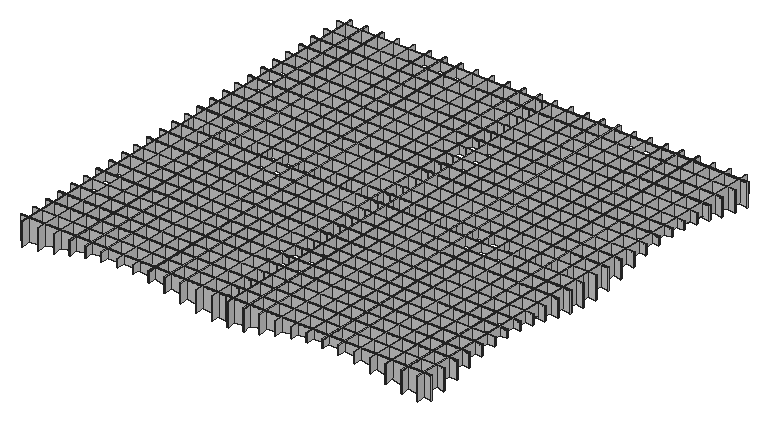
Revit family "CLD-WFL-002_RFA", category Modelos genéricos, Revit 2022 (continued)
Forms (in)
  Extrusion 371, solid
    sketch origin (212.09022, 108, 0) x (0, -1, 0) y (0, 0, 1)
      loop
        spline (43.75234, 7.29687) -> (44.62318, 7.35197) -> (45.49474, 7.40207) -> (46.36696, 7.44722) -> (47.23979, 7.48751) -> (48.11314, 7.52299) -> (48.98697, 7.55374) -> (49.8612, 7.57983) -> (50.73577, 7.60132) -> (51.61063, 7.61828) -> (52.48569, 7.63078) -> (53.36091, 7.63889) -> (54.23622, 7.64268)
        spline (54.23622, 7.64268) -> (54.8905, 7.63994) -> (55.54471, 7.63396) -> (56.19881, 7.62471) -> (56.85275, 7.61212) -> (57.50648, 7.59614) -> (58.15996, 7.57673) -> (58.81313, 7.55383) -> (59.46596, 7.5274) -> (60.11838, 7.49738) -> (60.77036, 7.46371) -> (61.42184, 7.42635) -> (62.07278, 7.38525)
        spline (62.07278, 7.38525) -> (62.80971, 7.33115) -> (63.54587, 7.27259) -> (64.28121, 7.20951) -> (65.01566, 7.14186) -> (65.74917, 7.06957) -> (66.48169, 6.99259) -> (67.21316, 6.91086) -> (67.94353, 6.82432) -> (68.67277, 6.73297) -> (69.40093, 6.637) -> (70.12806, 6.53658) -> (70.85422, 6.4319)
        spline (70.85422, 6.4319) -> (71.51051, 6.33081) -> (72.16604, 6.22628) -> (72.82086, 6.11849) -> (73.47503, 6.00761) -> (74.12859, 5.89382) -> (74.78159, 5.7773) -> (75.43409, 5.65821) -> (76.08613, 5.53673) -> (76.73777, 5.41305) -> (77.38906, 5.28733) -> (78.04005, 5.15975) -> (78.69078, 5.03049)
        spline (78.69078, 5.03049) -> (79.42214, 4.88265) -> (80.15338, 4.73345) -> (80.88454, 4.58309) -> (81.6157, 4.43177) -> (82.3469, 4.27969) -> (83.07823, 4.12703) -> (83.80973, 3.97401) -> (84.54148, 3.82083) -> (85.27354, 3.66767) -> (86.00597, 3.51473) -> (86.73884, 3.36223) -> (87.47222, 3.21035)
        spline (87.47222, 3.21035) -> (88.12098, 3.07725) -> (88.77034, 2.94516) -> (89.42035, 2.81427) -> (90.07106, 2.68474) -> (90.72253, 2.55674) -> (91.37482, 2.43044) -> (92.02798, 2.30602) -> (92.68208, 2.18365) -> (93.33715, 2.0635) -> (93.99327, 1.94575) -> (94.65048, 1.83055) -> (95.30878, 1.71798)
        spline (95.30878, 1.71798) -> (96.03651, 1.59857) -> (96.76522, 1.48186) -> (97.49484, 1.36779) -> (98.2253, 1.25631) -> (98.95653, 1.14734) -> (99.68844, 1.04084) -> (100.42096, 0.93675) -> (101.15403, 0.83501) -> (101.88757, 0.73557) -> (102.62149, 0.63835) -> (103.35573, 0.54331) -> (104.09022, 0.45039)
        spline (104.09022, 0.45039) -> (104.41609, 0.41056) -> (104.74197, 0.37118) -> (105.06787, 0.33222) -> (105.39376, 0.29369) -> (105.71965, 0.25557) -> (106.04553, 0.21788) -> (106.37138, 0.18058) -> (106.6972, 0.14369) -> (107.02298, 0.10719) -> (107.34871, 0.07108) -> (107.67439, 0.03535) -> (108, 0)
        line (108, 0) -> (108, 11.82144)
    from -0.11811 to 0
  Extrusion 372, solid
    sketch origin (211.97211, 108, 0) x (0, -1, 0) y (0, 0, 1)
      loop
        line (108, 11.82144) -> (0, 11.82144) -> (0, 0)
        spline (0, 0) -> (0.32561, 0.03535) -> (0.65129, 0.07108) -> (0.97702, 0.10719) -> (1.3028, 0.14369) -> (1.62862, 0.18058) -> (1.95447, 0.21788) -> (2.28035, 0.25557) -> (2.60624, 0.29369) -> (2.93213, 0.33222) -> (3.25803, 0.37118) -> (3.58391, 0.41056) -> (3.90978, 0.45039)
        spline (3.90978, 0.45039) -> (4.64427, 0.54331) -> (5.37851, 0.63835) -> (6.11243, 0.73557) -> (6.84597, 0.83501) -> (7.57904, 0.93675) -> (8.31156, 1.04084) -> (9.04347, 1.14734) -> (9.7747, 1.25631) -> (10.50516, 1.36779) -> (11.23478, 1.48186) -> (11.96349, 1.59857) -> (12.69122, 1.71798)
        spline (12.69122, 1.71798) -> (13.38922, 1.83797) -> (14.08606, 1.96074) -> (14.78174, 2.08623) -> (15.47631, 2.21426) -> (16.16984, 2.34463) -> (16.86238, 2.47718) -> (17.55399, 2.61172) -> (18.24473, 2.74807) -> (18.93467, 2.88604) -> (19.62386, 3.02546) -> (20.31235, 3.16614) -> (21.00022, 3.30789)
        spline (21.00022, 3.30789) -> (21.65469, 3.44372) -> (22.3087, 3.5801) -> (22.96232, 3.71687) -> (23.61561, 3.85384) -> (24.26863, 3.99083) -> (24.92142, 4.12768) -> (25.57405, 4.2642) -> (26.22658, 4.40021) -> (26.87906, 4.53554) -> (27.53155, 4.67001) -> (28.18411, 4.80344) -> (28.83678, 4.93566)
        spline (28.83678, 4.93566) -> (29.71888, 5.11051) -> (30.60133, 5.28308) -> (31.48418, 5.45313) -> (32.36752, 5.62042) -> (33.25139, 5.78471) -> (34.13589, 5.94577) -> (35.02106, 6.10336) -> (35.90699, 6.25724) -> (36.79374, 6.40717) -> (37.68137, 6.55291) -> (38.56997, 6.69423) -> (39.45958, 6.83089)
        spline (39.45958, 6.83089) -> (39.81456, 6.88206) -> (40.17002, 6.93114) -> (40.52597, 6.97806) -> (40.88246, 7.0227) -> (41.2395, 7.065) -> (41.59707, 7.10495) -> (41.95516, 7.14258) -> (42.31373, 7.17791) -> (42.67277, 7.21097) -> (43.03223, 7.2418) -> (43.3921, 7.27043) -> (43.75234, 7.29687)
        spline (43.75234, 7.29687) -> (44.62318, 7.35197) -> (45.49474, 7.40207) -> (46.36696, 7.44722) -> (47.23979, 7.48751) -> (48.11314, 7.52299) -> (48.98697, 7.55374) -> (49.8612, 7.57983) -> (50.73577, 7.60132) -> (51.61063, 7.61828) -> (52.48569, 7.63078) -> (53.36091, 7.63889) -> (54.23622, 7.64268)
        spline (54.23622, 7.64268) -> (54.8905, 7.63994) -> (55.54471, 7.63396) -> (56.19881, 7.62471) -> (56.85275, 7.61212) -> (57.50648, 7.59614) -> (58.15996, 7.57673) -> (58.81313, 7.55383) -> (59.46596, 7.5274) -> (60.11838, 7.49738) -> (60.77036, 7.46371) -> (61.42184, 7.42635) -> (62.07278, 7.38525)
        spline (62.07278, 7.38525) -> (62.80971, 7.33115) -> (63.54587, 7.27259) -> (64.28121, 7.20951) -> (65.01566, 7.14186) -> (65.74917, 7.06957) -> (66.48169, 6.99259) -> (67.21316, 6.91086) -> (67.94353, 6.82432) -> (68.67277, 6.73297) -> (69.40093, 6.637) -> (70.12806, 6.53658) -> (70.85422, 6.4319)
        spline (70.85422, 6.4319) -> (71.51051, 6.33081) -> (72.16604, 6.22628) -> (72.82086, 6.11849) -> (73.47503, 6.00761) -> (74.12859, 5.89382) -> (74.78159, 5.7773) -> (75.43409, 5.65821) -> (76.08613, 5.53673) -> (76.73777, 5.41305) -> (77.38906, 5.28733) -> (78.04005, 5.15975) -> (78.69078, 5.03049)
        spline (78.69078, 5.03049) -> (79.42214, 4.88265) -> (80.15338, 4.73345) -> (80.88454, 4.58309) -> (81.6157, 4.43177) -> (82.3469, 4.27969) -> (83.07823, 4.12703) -> (83.80973, 3.97401) -> (84.54148, 3.82083) -> (85.27354, 3.66767) -> (86.00597, 3.51473) -> (86.73884, 3.36223) -> (87.47222, 3.21035)
        spline (87.47222, 3.21035) -> (88.12098, 3.07725) -> (88.77034, 2.94516) -> (89.42035, 2.81427) -> (90.07106, 2.68474) -> (90.72253, 2.55674) -> (91.37482, 2.43044) -> (92.02798, 2.30602) -> (92.68208, 2.18365) -> (93.33715, 2.0635) -> (93.99327, 1.94575) -> (94.65048, 1.83055) -> (95.30878, 1.71798)
        spline (95.30878, 1.71798) -> (96.03651, 1.59857) -> (96.76522, 1.48186) -> (97.49484, 1.36779) -> (98.2253, 1.25631) -> (98.95653, 1.14734) -> (99.68844, 1.04084) -> (100.42096, 0.93675) -> (101.15403, 0.83501) -> (101.88757, 0.73557) -> (102.62149, 0.63835) -> (103.35573, 0.54331) -> (104.09022, 0.45039)
        spline (104.09022, 0.45039) -> (104.41609, 0.41056) -> (104.74197, 0.37118) -> (105.06787, 0.33222) -> (105.39376, 0.29369) -> (105.71965, 0.25557) -> (106.04553, 0.21788) -> (106.37138, 0.18058) -> (106.6972, 0.14369) -> (107.02298, 0.10719) -> (107.34871, 0.07108) -> (107.67439, 0.03535) -> (108, 0)
        line (108, 0) -> (108, 11.82144)
    from -0.11811 to 0.35433
  Extrusion 373, solid
    sketch origin (108, 111.79167, 0) x (1, 0, 0) y (0, 0, 1)
      loop
        line (108, 11.82144) -> (0, 11.82144) -> (0, 0)
        spline (0, 0) -> (0.32561, 0.03535) -> (0.65129, 0.07108) -> (0.97702, 0.10719) -> (1.3028, 0.14369) -> (1.62862, 0.18058) -> (1.95447, 0.21788) -> (2.28035, 0.25557) -> (2.60624, 0.29369) -> (2.93213, 0.33222) -> (3.25803, 0.37118) -> (3.58391, 0.41056) -> (3.90978, 0.45039)
        spline (3.90978, 0.45039) -> (4.64427, 0.54331) -> (5.37851, 0.63835) -> (6.11243, 0.73557) -> (6.84597, 0.83501) -> (7.57904, 0.93675) -> (8.31156, 1.04084) -> (9.04347, 1.14734) -> (9.7747, 1.25631) -> (10.50516, 1.36779) -> (11.23478, 1.48186) -> (11.96349, 1.59857) -> (12.69122, 1.71798)
        spline (12.69122, 1.71798) -> (13.38922, 1.83797) -> (14.08606, 1.96074) -> (14.78174, 2.08623) -> (15.47631, 2.21426) -> (16.16984, 2.34463) -> (16.86238, 2.47718) -> (17.55399, 2.61172) -> (18.24473, 2.74807) -> (18.93467, 2.88604) -> (19.62386, 3.02546) -> (20.31235, 3.16614) -> (21.00022, 3.30789)
        spline (21.00022, 3.30789) -> (21.65469, 3.44372) -> (22.3087, 3.5801) -> (22.96232, 3.71687) -> (23.61561, 3.85384) -> (24.26863, 3.99083) -> (24.92142, 4.12768) -> (25.57405, 4.2642) -> (26.22658, 4.40021) -> (26.87906, 4.53554) -> (27.53155, 4.67001) -> (28.18411, 4.80344) -> (28.83678, 4.93566)
        spline (28.83678, 4.93566) -> (29.71888, 5.11051) -> (30.60133, 5.28308) -> (31.48418, 5.45313) -> (32.36752, 5.62042) -> (33.25139, 5.78471) -> (34.13589, 5.94577) -> (35.02106, 6.10336) -> (35.90699, 6.25724) -> (36.79374, 6.40717) -> (37.68137, 6.55291) -> (38.56997, 6.69423) -> (39.45958, 6.83089)
        spline (39.45958, 6.83089) -> (39.81456, 6.88206) -> (40.17002, 6.93114) -> (40.52597, 6.97806) -> (40.88246, 7.0227) -> (41.2395, 7.065) -> (41.59707, 7.10495) -> (41.95516, 7.14258) -> (42.31373, 7.17791) -> (42.67277, 7.21097) -> (43.03223, 7.2418) -> (43.3921, 7.27043) -> (43.75234, 7.29687)
        spline (43.75234, 7.29687) -> (44.62318, 7.35197) -> (45.49474, 7.40207) -> (46.36696, 7.44722) -> (47.23979, 7.48751) -> (48.11314, 7.52299) -> (48.98697, 7.55374) -> (49.8612, 7.57983) -> (50.73577, 7.60132) -> (51.61063, 7.61828) -> (52.48569, 7.63078) -> (53.36091, 7.63889) -> (54.23622, 7.64268)
        spline (54.23622, 7.64268) -> (54.8905, 7.63994) -> (55.54471, 7.63396) -> (56.19881, 7.62471) -> (56.85275, 7.61212) -> (57.50648, 7.59614) -> (58.15996, 7.57673) -> (58.81313, 7.55383) -> (59.46596, 7.5274) -> (60.11838, 7.49738) -> (60.77036, 7.46371) -> (61.42184, 7.42635) -> (62.07278, 7.38525)
        spline (62.07278, 7.38525) -> (62.80971, 7.33115) -> (63.54587, 7.27259) -> (64.28121, 7.20951) -> (65.01566, 7.14186) -> (65.74917, 7.06957) -> (66.48169, 6.99259) -> (67.21316, 6.91086) -> (67.94353, 6.82432) -> (68.67277, 6.73297) -> (69.40093, 6.637) -> (70.12806, 6.53658) -> (70.85422, 6.4319)
        spline (70.85422, 6.4319) -> (71.51051, 6.33081) -> (72.16604, 6.22628) -> (72.82086, 6.11849) -> (73.47503, 6.00761) -> (74.12859, 5.89382) -> (74.78159, 5.7773) -> (75.43409, 5.65821) -> (76.08613, 5.53673) -> (76.73777, 5.41305) -> (77.38906, 5.28733) -> (78.04005, 5.15975) -> (78.69078, 5.03049)
        spline (78.69078, 5.03049) -> (79.42214, 4.88265) -> (80.15338, 4.73345) -> (80.88454, 4.58309) -> (81.6157, 4.43177) -> (82.3469, 4.27969) -> (83.07823, 4.12703) -> (83.80973, 3.97401) -> (84.54148, 3.82083) -> (85.27354, 3.66767) -> (86.00597, 3.51473) -> (86.73884, 3.36223) -> (87.47222, 3.21035)
        spline (87.47222, 3.21035) -> (88.12098, 3.07725) -> (88.77034, 2.94516) -> (89.42035, 2.81427) -> (90.07106, 2.68474) -> (90.72253, 2.55674) -> (91.37482, 2.43044) -> (92.02798, 2.30602) -> (92.68208, 2.18365) -> (93.33715, 2.0635) -> (93.99327, 1.94575) -> (94.65048, 1.83055) -> (95.30878, 1.71798)
        spline (95.30878, 1.71798) -> (96.03651, 1.59857) -> (96.76522, 1.48186) -> (97.49484, 1.36779) -> (98.2253, 1.25631) -> (98.95653, 1.14734) -> (99.68844, 1.04084) -> (100.42096, 0.93675) -> (101.15403, 0.83501) -> (101.88757, 0.73557) -> (102.62149, 0.63835) -> (103.35573, 0.54331) -> (104.09022, 0.45039)
        spline (104.09022, 0.45039) -> (104.41609, 0.41056) -> (104.74197, 0.37118) -> (105.06787, 0.33222) -> (105.39376, 0.29369) -> (105.71965, 0.25557) -> (106.04553, 0.21788) -> (106.37138, 0.18058) -> (106.6972, 0.14369) -> (107.02298, 0.10719) -> (107.34871, 0.07108) -> (107.67439, 0.03535) -> (108, 0)
        line (108, 0) -> (108, 11.82144)
    from -0.11811 to 0
  Extrusion 374, solid
    sketch origin (108, 112.38222, 0) x (1, 0, 0) y (0, 0, 1)
      loop
        line (108, 11.82144) -> (0, 11.82144) -> (0, 0)
        spline (0, 0) -> (0.32561, 0.03535) -> (0.65129, 0.07108) -> (0.97702, 0.10719) -> (1.3028, 0.14369) -> (1.62862, 0.18058) -> (1.95447, 0.21788) -> (2.28035, 0.25557) -> (2.60624, 0.29369) -> (2.93213, 0.33222) -> (3.25803, 0.37118) -> (3.58391, 0.41056) -> (3.90978, 0.45039)
        spline (3.90978, 0.45039) -> (4.64427, 0.54331) -> (5.37851, 0.63835) -> (6.11243, 0.73557) -> (6.84597, 0.83501) -> (7.57904, 0.93675) -> (8.31156, 1.04084) -> (9.04347, 1.14734) -> (9.7747, 1.25631) -> (10.50516, 1.36779) -> (11.23478, 1.48186) -> (11.96349, 1.59857) -> (12.69122, 1.71798)
        spline (12.69122, 1.71798) -> (13.38922, 1.83797) -> (14.08606, 1.96074) -> (14.78174, 2.08623) -> (15.47631, 2.21426) -> (16.16984, 2.34463) -> (16.86238, 2.47718) -> (17.55399, 2.61172) -> (18.24473, 2.74807) -> (18.93467, 2.88604) -> (19.62386, 3.02546) -> (20.31235, 3.16614) -> (21.00022, 3.30789)
        spline (21.00022, 3.30789) -> (21.65469, 3.44372) -> (22.3087, 3.5801) -> (22.96232, 3.71687) -> (23.61561, 3.85384) -> (24.26863, 3.99083) -> (24.92142, 4.12768) -> (25.57405, 4.2642) -> (26.22658, 4.40021) -> (26.87906, 4.53554) -> (27.53155, 4.67001) -> (28.18411, 4.80344) -> (28.83678, 4.93566)
        spline (28.83678, 4.93566) -> (29.71888, 5.11051) -> (30.60133, 5.28308) -> (31.48418, 5.45313) -> (32.36752, 5.62042) -> (33.25139, 5.78471) -> (34.13589, 5.94577) -> (35.02106, 6.10336) -> (35.90699, 6.25724) -> (36.79374, 6.40717) -> (37.68137, 6.55291) -> (38.56997, 6.69423) -> (39.45958, 6.83089)
        spline (39.45958, 6.83089) -> (39.81456, 6.88206) -> (40.17002, 6.93114) -> (40.52597, 6.97806) -> (40.88246, 7.0227) -> (41.2395, 7.065) -> (41.59707, 7.10495) -> (41.95516, 7.14258) -> (42.31373, 7.17791) -> (42.67277, 7.21097) -> (43.03223, 7.2418) -> (43.3921, 7.27043) -> (43.75234, 7.29687)
        spline (43.75234, 7.29687) -> (44.62318, 7.35197) -> (45.49474, 7.40207) -> (46.36696, 7.44722) -> (47.23979, 7.48751) -> (48.11314, 7.52299) -> (48.98697, 7.55374) -> (49.8612, 7.57983) -> (50.73577, 7.60132) -> (51.61063, 7.61828) -> (52.48569, 7.63078) -> (53.36091, 7.63889) -> (54.23622, 7.64268)
        spline (54.23622, 7.64268) -> (54.8905, 7.63994) -> (55.54471, 7.63396) -> (56.19881, 7.62471) -> (56.85275, 7.61212) -> (57.50648, 7.59614) -> (58.15996, 7.57673) -> (58.81313, 7.55383) -> (59.46596, 7.5274) -> (60.11838, 7.49738) -> (60.77036, 7.46371) -> (61.42184, 7.42635) -> (62.07278, 7.38525)
        spline (62.07278, 7.38525) -> (62.80971, 7.33115) -> (63.54587, 7.27259) -> (64.28121, 7.20951) -> (65.01566, 7.14186) -> (65.74917, 7.06957) -> (66.48169, 6.99259) -> (67.21316, 6.91086) -> (67.94353, 6.82432) -> (68.67277, 6.73297) -> (69.40093, 6.637) -> (70.12806, 6.53658) -> (70.85422, 6.4319)
        spline (70.85422, 6.4319) -> (71.51051, 6.33081) -> (72.16604, 6.22628) -> (72.82086, 6.11849) -> (73.47503, 6.00761) -> (74.12859, 5.89382) -> (74.78159, 5.7773) -> (75.43409, 5.65821) -> (76.08613, 5.53673) -> (76.73777, 5.41305) -> (77.38906, 5.28733) -> (78.04005, 5.15975) -> (78.69078, 5.03049)
        spline (78.69078, 5.03049) -> (79.42214, 4.88265) -> (80.15338, 4.73345) -> (80.88454, 4.58309) -> (81.6157, 4.43177) -> (82.3469, 4.27969) -> (83.07823, 4.12703) -> (83.80973, 3.97401) -> (84.54148, 3.82083) -> (85.27354, 3.66767) -> (86.00597, 3.51473) -> (86.73884, 3.36223) -> (87.47222, 3.21035)
        spline (87.47222, 3.21035) -> (88.12098, 3.07725) -> (88.77034, 2.94516) -> (89.42035, 2.81427) -> (90.07106, 2.68474) -> (90.72253, 2.55674) -> (91.37482, 2.43044) -> (92.02798, 2.30602) -> (92.68208, 2.18365) -> (93.33715, 2.0635) -> (93.99327, 1.94575) -> (94.65048, 1.83055) -> (95.30878, 1.71798)
        spline (95.30878, 1.71798) -> (96.03651, 1.59857) -> (96.76522, 1.48186) -> (97.49484, 1.36779) -> (98.2253, 1.25631) -> (98.95653, 1.14734) -> (99.68844, 1.04084) -> (100.42096, 0.93675) -> (101.15403, 0.83501) -> (101.88757, 0.73557) -> (102.62149, 0.63835) -> (103.35573, 0.54331) -> (104.09022, 0.45039)
        spline (104.09022, 0.45039) -> (104.41609, 0.41056) -> (104.74197, 0.37118) -> (105.06787, 0.33222) -> (105.39376, 0.29369) -> (105.71965, 0.25557) -> (106.04553, 0.21788) -> (106.37138, 0.18058) -> (106.6972, 0.14369) -> (107.02298, 0.10719) -> (107.34871, 0.07108) -> (107.67439, 0.03535) -> (108, 0)
        line (108, 0) -> (108, 11.82144)
    from -0.11811 to 0
  Extrusion 375, solid
    sketch origin (108, 112.26411, 0) x (1, 0, 0) y (0, 0, 1)
      loop
        line (108, 11.82144) -> (0, 11.82144) -> (0, 0)
        spline (0, 0) -> (0.32561, 0.03535) -> (0.65129, 0.07108) -> (0.97702, 0.10719) -> (1.3028, 0.14369) -> (1.62862, 0.18058) -> (1.95447, 0.21788) -> (2.28035, 0.25557) -> (2.60624, 0.29369) -> (2.93213, 0.33222) -> (3.25803, 0.37118) -> (3.58391, 0.41056) -> (3.90978, 0.45039)
        spline (3.90978, 0.45039) -> (4.64427, 0.54331) -> (5.37851, 0.63835) -> (6.11243, 0.73557) -> (6.84597, 0.83501) -> (7.57904, 0.93675) -> (8.31156, 1.04084) -> (9.04347, 1.14734) -> (9.7747, 1.25631) -> (10.50516, 1.36779) -> (11.23478, 1.48186) -> (11.96349, 1.59857) -> (12.69122, 1.71798)
        spline (12.69122, 1.71798) -> (13.38922, 1.83797) -> (14.08606, 1.96074) -> (14.78174, 2.08623) -> (15.47631, 2.21426) -> (16.16984, 2.34463) -> (16.86238, 2.47718) -> (17.55399, 2.61172) -> (18.24473, 2.74807) -> (18.93467, 2.88604) -> (19.62386, 3.02546) -> (20.31235, 3.16614) -> (21.00022, 3.30789)
        spline (21.00022, 3.30789) -> (21.65469, 3.44372) -> (22.3087, 3.5801) -> (22.96232, 3.71687) -> (23.61561, 3.85384) -> (24.26863, 3.99083) -> (24.92142, 4.12768) -> (25.57405, 4.2642) -> (26.22658, 4.40021) -> (26.87906, 4.53554) -> (27.53155, 4.67001) -> (28.18411, 4.80344) -> (28.83678, 4.93566)
        spline (28.83678, 4.93566) -> (29.71888, 5.11051) -> (30.60133, 5.28308) -> (31.48418, 5.45313) -> (32.36752, 5.62042) -> (33.25139, 5.78471) -> (34.13589, 5.94577) -> (35.02106, 6.10336) -> (35.90699, 6.25724) -> (36.79374, 6.40717) -> (37.68137, 6.55291) -> (38.56997, 6.69423) -> (39.45958, 6.83089)
        spline (39.45958, 6.83089) -> (39.81456, 6.88206) -> (40.17002, 6.93114) -> (40.52597, 6.97806) -> (40.88246, 7.0227) -> (41.2395, 7.065) -> (41.59707, 7.10495) -> (41.95516, 7.14258) -> (42.31373, 7.17791) -> (42.67277, 7.21097) -> (43.03223, 7.2418) -> (43.3921, 7.27043) -> (43.75234, 7.29687)
        spline (43.75234, 7.29687) -> (44.62318, 7.35197) -> (45.49474, 7.40207) -> (46.36696, 7.44722) -> (47.23979, 7.48751) -> (48.11314, 7.52299) -> (48.98697, 7.55374) -> (49.8612, 7.57983) -> (50.73577, 7.60132) -> (51.61063, 7.61828) -> (52.48569, 7.63078) -> (53.36091, 7.63889) -> (54.23622, 7.64268)
        spline (54.23622, 7.64268) -> (54.8905, 7.63994) -> (55.54471, 7.63396) -> (56.19881, 7.62471) -> (56.85275, 7.61212) -> (57.50648, 7.59614) -> (58.15996, 7.57673) -> (58.81313, 7.55383) -> (59.46596, 7.5274) -> (60.11838, 7.49738) -> (60.77036, 7.46371) -> (61.42184, 7.42635) -> (62.07278, 7.38525)
        spline (62.07278, 7.38525) -> (62.80971, 7.33115) -> (63.54587, 7.27259) -> (64.28121, 7.20951) -> (65.01566, 7.14186) -> (65.74917, 7.06957) -> (66.48169, 6.99259) -> (67.21316, 6.91086) -> (67.94353, 6.82432) -> (68.67277, 6.73297) -> (69.40093, 6.637) -> (70.12806, 6.53658) -> (70.85422, 6.4319)
        spline (70.85422, 6.4319) -> (71.51051, 6.33081) -> (72.16604, 6.22628) -> (72.82086, 6.11849) -> (73.47503, 6.00761) -> (74.12859, 5.89382) -> (74.78159, 5.7773) -> (75.43409, 5.65821) -> (76.08613, 5.53673) -> (76.73777, 5.41305) -> (77.38906, 5.28733) -> (78.04005, 5.15975) -> (78.69078, 5.03049)
        spline (78.69078, 5.03049) -> (79.42214, 4.88265) -> (80.15338, 4.73345) -> (80.88454, 4.58309) -> (81.6157, 4.43177) -> (82.3469, 4.27969) -> (83.07823, 4.12703) -> (83.80973, 3.97401) -> (84.54148, 3.82083) -> (85.27354, 3.66767) -> (86.00597, 3.51473) -> (86.73884, 3.36223) -> (87.47222, 3.21035)
        spline (87.47222, 3.21035) -> (88.12098, 3.07725) -> (88.77034, 2.94516) -> (89.42035, 2.81427) -> (90.07106, 2.68474) -> (90.72253, 2.55674) -> (91.37482, 2.43044) -> (92.02798, 2.30602) -> (92.68208, 2.18365) -> (93.33715, 2.0635) -> (93.99327, 1.94575) -> (94.65048, 1.83055) -> (95.30878, 1.71798)
        spline (95.30878, 1.71798) -> (96.03651, 1.59857) -> (96.76522, 1.48186) -> (97.49484, 1.36779) -> (98.2253, 1.25631) -> (98.95653, 1.14734) -> (99.68844, 1.04084) -> (100.42096, 0.93675) -> (101.15403, 0.83501) -> (101.88757, 0.73557) -> (102.62149, 0.63835) -> (103.35573, 0.54331) -> (104.09022, 0.45039)
        spline (104.09022, 0.45039) -> (104.41609, 0.41056) -> (104.74197, 0.37118) -> (105.06787, 0.33222) -> (105.39376, 0.29369) -> (105.71965, 0.25557) -> (106.04553, 0.21788) -> (106.37138, 0.18058) -> (106.6972, 0.14369) -> (107.02298, 0.10719) -> (107.34871, 0.07108) -> (107.67439, 0.03535) -> (108, 0)
        line (108, 0) -> (108, 11.82144)
    from -0.11811 to 0.35433
  Extrusion 376, solid
    sketch origin (108, 120.10067, 0) x (1, 0, 0) y (0, 0, 1)
      loop
        line (108, 11.82144) -> (0, 11.82144) -> (0, 0.88375)
        spline (0, 0.88375) -> (0.32561, 0.94348) -> (0.65129, 1.00296) -> (0.97702, 1.06219) -> (1.3028, 1.12116) -> (1.62862, 1.1799) -> (1.95447, 1.23838) -> (2.28035, 1.29662) -> (2.60624, 1.35462) -> (2.93213, 1.41237) -> (3.25803, 1.46988) -> (3.58391, 1.52715) -> (3.90978, 1.58418)
        spline (3.90978, 1.58418) -> (4.64426, 1.71122) -> (5.37851, 1.8372) -> (6.11243, 1.96212) -> (6.84596, 2.086) -> (7.57903, 2.20885) -> (8.31155, 2.33067) -> (9.04347, 2.45149) -> (9.77469, 2.57131) -> (10.50515, 2.69014) -> (11.23478, 2.80798) -> (11.96349, 2.92486) -> (12.69122, 3.04079)
        spline (12.69122, 3.04079) -> (13.34952, 3.14441) -> (14.00673, 3.24717) -> (14.66285, 3.34906) -> (15.31792, 3.45005) -> (15.97202, 3.55011) -> (16.62518, 3.64921) -> (17.27747, 3.74732) -> (17.92894, 3.8444) -> (18.57965, 3.94043) -> (19.22966, 4.03537) -> (19.87902, 4.12919) -> (20.52778, 4.22187)
        spline (20.52778, 4.22187) -> (21.26116, 4.32437) -> (21.99403, 4.42546) -> (22.72646, 4.52511) -> (23.45852, 4.62328) -> (24.19027, 4.71993) -> (24.92177, 4.81503) -> (25.6531, 4.90854) -> (26.3843, 5.00042) -> (27.11545, 5.09065) -> (27.84662, 5.17918) -> (28.57786, 5.26598) -> (29.30922, 5.35101)
        spline (29.30922, 5.35101) -> (29.95995, 5.42391) -> (30.61094, 5.49516) -> (31.26223, 5.56472) -> (31.91387, 5.63257) -> (32.56591, 5.69867) -> (33.21841, 5.763) -> (33.87141, 5.82551) -> (34.52497, 5.88618) -> (35.17914, 5.94498) -> (35.83396, 6.00187) -> (36.48949, 6.05683) -> (37.14578, 6.10982)
        spline (37.14578, 6.10982) -> (37.87194, 6.16453) -> (38.59907, 6.21702) -> (39.32723, 6.26723) -> (40.05647, 6.31514) -> (40.78684, 6.36072) -> (41.51831, 6.40397) -> (42.25083, 6.44489) -> (42.98434, 6.4835) -> (43.71879, 6.51981) -> (44.45413, 6.55383) -> (45.19029, 6.58557) -> (45.92722, 6.61503)
        spline (45.92722, 6.61503) -> (46.57816, 6.6376) -> (47.22964, 6.65822) -> (47.88162, 6.67689) -> (48.53404, 6.69363) -> (49.18687, 6.70845) -> (49.84004, 6.72134) -> (50.49352, 6.73234) -> (51.14725, 6.74143) -> (51.80119, 6.74863) -> (52.45529, 6.75396) -> (53.1095, 6.75742) -> (53.76378, 6.75901)
        spline (53.76378, 6.75901) -> (54.49695, 6.7572) -> (55.23004, 6.75331) -> (55.96301, 6.74732) -> (56.6958, 6.73922) -> (57.42835, 6.72901) -> (58.16062, 6.71667) -> (58.89255, 6.7022) -> (59.62408, 6.68557) -> (60.35517, 6.66679) -> (61.08576, 6.64585) -> (61.81579, 6.62272) -> (62.54522, 6.59741)
        spline (62.54522, 6.59741) -> (63.20286, 6.57112) -> (63.85981, 6.54281) -> (64.51602, 6.51247) -> (65.17144, 6.48008) -> (65.82603, 6.44563) -> (66.47973, 6.40912) -> (67.1325, 6.37054) -> (67.78428, 6.32988) -> (68.43505, 6.28713) -> (69.08486, 6.24233) -> (69.73376, 6.19551) -> (70.38178, 6.14669)
        spline (70.38178, 6.14669) -> (71.1172, 6.08737) -> (71.85177, 6.02584) -> (72.58554, 5.96214) -> (73.31858, 5.89631) -> (74.05094, 5.82838) -> (74.78268, 5.75838) -> (75.51386, 5.68636) -> (76.24452, 5.61234) -> (76.97473, 5.53637) -> (77.70455, 5.45847) -> (78.43403, 5.37869) -> (79.16322, 5.29705)
        spline (79.16322, 5.29705) -> (79.81589, 5.22111) -> (80.46845, 5.14359) -> (81.12094, 5.06452) -> (81.77342, 4.98394) -> (82.42595, 4.90188) -> (83.07858, 4.81837) -> (83.73137, 4.73344) -> (84.38439, 4.64713) -> (85.03768, 4.55947) -> (85.6913, 4.47048) -> (86.34531, 4.3802) -> (86.99978, 4.28866)
        spline (86.99978, 4.28866) -> (87.72677, 4.18488) -> (88.45442, 4.07981) -> (89.1828, 3.97349) -> (89.91197, 3.86595) -> (90.64199, 3.75723) -> (91.37293, 3.64737) -> (92.10485, 3.53639) -> (92.8378, 3.42433) -> (93.57186, 3.31123) -> (94.30709, 3.19712) -> (95.04354, 3.08203) -> (95.78122, 2.96599)
        spline (95.78122, 2.96599) -> (96.4698, 2.85601) -> (97.15931, 2.74512) -> (97.84968, 2.63332) -> (98.54085, 2.52058) -> (99.23273, 2.40692) -> (99.92527, 2.2923) -> (100.61838, 2.17673) -> (101.31201, 2.06019) -> (102.00608, 1.94268) -> (102.70052, 1.82418) -> (103.39525, 1.70469) -> (104.09022, 1.58418)
        spline (104.09022, 1.58418) -> (104.41609, 1.52715) -> (104.74197, 1.46988) -> (105.06787, 1.41237) -> (105.39376, 1.35462) -> (105.71965, 1.29662) -> (106.04553, 1.23838) -> (106.37138, 1.1799) -> (106.6972, 1.12116) -> (107.02298, 1.06219) -> (107.34871, 1.00296) -> (107.67439, 0.94348) -> (108, 0.88375)
        line (108, 0.88375) -> (108, 11.82144)
    from -0.11811 to 0
  Extrusion 377, solid
    sketch origin (108, 120.57311, 0) x (1, 0, 0) y (0, 0, 1)
      loop
        line (108, 11.82144) -> (0, 11.82144) -> (0, 0.88375)
        spline (0, 0.88375) -> (0.32561, 0.94348) -> (0.65129, 1.00296) -> (0.97702, 1.06219) -> (1.3028, 1.12116) -> (1.62862, 1.1799) -> (1.95447, 1.23838) -> (2.28035, 1.29662) -> (2.60624, 1.35462) -> (2.93213, 1.41237) -> (3.25803, 1.46988) -> (3.58391, 1.52715) -> (3.90978, 1.58418)
        spline (3.90978, 1.58418) -> (4.64426, 1.71122) -> (5.37851, 1.8372) -> (6.11243, 1.96212) -> (6.84596, 2.086) -> (7.57903, 2.20885) -> (8.31155, 2.33067) -> (9.04347, 2.45149) -> (9.77469, 2.57131) -> (10.50515, 2.69014) -> (11.23478, 2.80798) -> (11.96349, 2.92486) -> (12.69122, 3.04079)
        spline (12.69122, 3.04079) -> (13.34952, 3.14441) -> (14.00673, 3.24717) -> (14.66285, 3.34906) -> (15.31792, 3.45005) -> (15.97202, 3.55011) -> (16.62518, 3.64921) -> (17.27747, 3.74732) -> (17.92894, 3.8444) -> (18.57965, 3.94043) -> (19.22966, 4.03537) -> (19.87902, 4.12919) -> (20.52778, 4.22187)
        spline (20.52778, 4.22187) -> (21.26116, 4.32437) -> (21.99403, 4.42546) -> (22.72646, 4.52511) -> (23.45852, 4.62328) -> (24.19027, 4.71993) -> (24.92177, 4.81503) -> (25.6531, 4.90854) -> (26.3843, 5.00042) -> (27.11545, 5.09065) -> (27.84662, 5.17918) -> (28.57786, 5.26598) -> (29.30922, 5.35101)
        spline (29.30922, 5.35101) -> (29.95995, 5.42391) -> (30.61094, 5.49516) -> (31.26223, 5.56472) -> (31.91387, 5.63257) -> (32.56591, 5.69867) -> (33.21841, 5.763) -> (33.87141, 5.82551) -> (34.52497, 5.88618) -> (35.17914, 5.94498) -> (35.83396, 6.00187) -> (36.48949, 6.05683) -> (37.14578, 6.10982)
        spline (37.14578, 6.10982) -> (37.87194, 6.16453) -> (38.59907, 6.21702) -> (39.32723, 6.26723) -> (40.05647, 6.31514) -> (40.78684, 6.36072) -> (41.51831, 6.40397) -> (42.25083, 6.44489) -> (42.98434, 6.4835) -> (43.71879, 6.51981) -> (44.45413, 6.55383) -> (45.19029, 6.58557) -> (45.92722, 6.61503)
        spline (45.92722, 6.61503) -> (46.57816, 6.6376) -> (47.22964, 6.65822) -> (47.88162, 6.67689) -> (48.53404, 6.69363) -> (49.18687, 6.70845) -> (49.84004, 6.72134) -> (50.49352, 6.73234) -> (51.14725, 6.74143) -> (51.80119, 6.74863) -> (52.45529, 6.75396) -> (53.1095, 6.75742) -> (53.76378, 6.75901)
        spline (53.76378, 6.75901) -> (54.49695, 6.7572) -> (55.23004, 6.75331) -> (55.96301, 6.74732) -> (56.6958, 6.73922) -> (57.42835, 6.72901) -> (58.16062, 6.71667) -> (58.89255, 6.7022) -> (59.62408, 6.68557) -> (60.35517, 6.66679) -> (61.08576, 6.64585) -> (61.81579, 6.62272) -> (62.54522, 6.59741)
        spline (62.54522, 6.59741) -> (63.20286, 6.57112) -> (63.85981, 6.54281) -> (64.51602, 6.51247) -> (65.17144, 6.48008) -> (65.82603, 6.44563) -> (66.47973, 6.40912) -> (67.1325, 6.37054) -> (67.78428, 6.32988) -> (68.43505, 6.28713) -> (69.08486, 6.24233) -> (69.73376, 6.19551) -> (70.38178, 6.14669)
        spline (70.38178, 6.14669) -> (71.1172, 6.08737) -> (71.85177, 6.02584) -> (72.58554, 5.96214) -> (73.31858, 5.89631) -> (74.05094, 5.82838) -> (74.78268, 5.75838) -> (75.51386, 5.68636) -> (76.24452, 5.61234) -> (76.97473, 5.53637) -> (77.70455, 5.45847) -> (78.43403, 5.37869) -> (79.16322, 5.29705)
        spline (79.16322, 5.29705) -> (79.81589, 5.22111) -> (80.46845, 5.14359) -> (81.12094, 5.06452) -> (81.77342, 4.98394) -> (82.42595, 4.90188) -> (83.07858, 4.81837) -> (83.73137, 4.73344) -> (84.38439, 4.64713) -> (85.03768, 4.55947) -> (85.6913, 4.47048) -> (86.34531, 4.3802) -> (86.99978, 4.28866)
        spline (86.99978, 4.28866) -> (87.72677, 4.18488) -> (88.45442, 4.07981) -> (89.1828, 3.97349) -> (89.91197, 3.86595) -> (90.64199, 3.75723) -> (91.37293, 3.64737) -> (92.10485, 3.53639) -> (92.8378, 3.42433) -> (93.57186, 3.31123) -> (94.30709, 3.19712) -> (95.04354, 3.08203) -> (95.78122, 2.96599)
        spline (95.78122, 2.96599) -> (96.4698, 2.85601) -> (97.15931, 2.74512) -> (97.84968, 2.63332) -> (98.54085, 2.52058) -> (99.23273, 2.40692) -> (99.92527, 2.2923) -> (100.61838, 2.17673) -> (101.31201, 2.06019) -> (102.00608, 1.94268) -> (102.70052, 1.82418) -> (103.39525, 1.70469) -> (104.09022, 1.58418)
        spline (104.09022, 1.58418) -> (104.41609, 1.52715) -> (104.74197, 1.46988) -> (105.06787, 1.41237) -> (105.39376, 1.35462) -> (105.71965, 1.29662) -> (106.04553, 1.23838) -> (106.37138, 1.1799) -> (106.6972, 1.12116) -> (107.02298, 1.06219) -> (107.34871, 1.00296) -> (107.67439, 0.94348) -> (108, 0.88375)
        line (108, 0.88375) -> (108, 11.82144)
    from -0.11811 to 0.35433
  Extrusion 378, solid
    sketch origin (108, 128.40967, 0) x (1, 0, 0) y (0, 0, 1)
      loop
        line (108, 11.82144) -> (0, 11.82144) -> (0, 2.55729)
        spline (0, 2.55729) -> (0.32561, 2.61504) -> (0.65129, 2.67215) -> (0.97702, 2.72862) -> (1.3028, 2.78445) -> (1.62862, 2.83963) -> (1.95447, 2.89415) -> (2.28035, 2.94802) -> (2.60624, 3.00123) -> (2.93213, 3.05379) -> (3.25803, 3.10567) -> (3.58391, 3.15689) -> (3.90978, 3.20744)
        spline (3.90978, 3.20744) -> (4.64427, 3.31686) -> (5.37851, 3.42317) -> (6.11243, 3.52634) -> (6.84596, 3.62635) -> (7.57903, 3.72316) -> (8.31156, 3.81675) -> (9.04347, 3.90709) -> (9.77469, 3.99415) -> (10.50515, 4.07789) -> (11.23478, 4.1583) -> (11.96349, 4.23534) -> (12.69122, 4.30898)
        spline (12.69122, 4.30898) -> (13.34952, 4.37039) -> (14.00673, 4.4286) -> (14.66285, 4.48364) -> (15.31792, 4.53559) -> (15.97202, 4.58455) -> (16.62518, 4.63059) -> (17.27747, 4.67381) -> (17.92894, 4.71429) -> (18.57965, 4.75212) -> (19.22966, 4.78738) -> (19.87902, 4.82016) -> (20.52778, 4.85054)
        spline (20.52778, 4.85054) -> (21.26115, 4.88062) -> (21.99402, 4.90823) -> (22.72646, 4.93347) -> (23.45851, 4.95644) -> (24.19026, 4.97724) -> (24.92176, 4.99598) -> (25.65309, 5.01275) -> (26.38429, 5.02764) -> (27.11545, 5.04077) -> (27.84661, 5.05223) -> (28.57785, 5.06211) -> (29.30922, 5.07053)
        spline (29.30922, 5.07053) -> (29.95995, 5.07584) -> (30.61094, 5.08009) -> (31.26223, 5.08336) -> (31.91387, 5.08574) -> (32.56591, 5.08733) -> (33.21841, 5.0882) -> (33.87141, 5.08846) -> (34.52497, 5.08817) -> (35.17914, 5.08744) -> (35.83396, 5.08636) -> (36.48949, 5.085) -> (37.14578, 5.08346)
        spline (37.14578, 5.08346) -> (37.87194, 5.08165) -> (38.59907, 5.0799) -> (39.32723, 5.0783) -> (40.05647, 5.07696) -> (40.78684, 5.07594) -> (41.51831, 5.07527) -> (42.25083, 5.07491) -> (42.98434, 5.07483) -> (43.7188, 5.075) -> (44.45413, 5.07538) -> (45.19029, 5.07596) -> (45.92722, 5.0767)
        spline (45.92722, 5.0767) -> (46.57816, 5.07753) -> (47.22964, 5.07843) -> (47.88162, 5.07937) -> (48.53404, 5.08033) -> (49.18687, 5.08128) -> (49.84004, 5.0822) -> (50.49352, 5.08306) -> (51.14725, 5.08383) -> (51.80119, 5.0845) -> (52.45529, 5.08503) -> (53.1095, 5.0854) -> (53.76378, 5.08558)
        spline (53.76378, 5.08558) -> (54.49695, 5.08542) -> (55.23004, 5.08505) -> (55.96301, 5.0845) -> (56.6958, 5.0838) -> (57.42835, 5.08298) -> (58.16062, 5.08206) -> (58.89255, 5.08107) -> (59.62408, 5.08005) -> (60.35517, 5.07902) -> (61.08576, 5.07801) -> (61.81579, 5.07705) -> (62.54522, 5.07616)
        spline (62.54522, 5.07616) -> (63.20286, 5.07551) -> (63.85981, 5.075) -> (64.51602, 5.07466) -> (65.17144, 5.07452) -> (65.82603, 5.0746) -> (66.47973, 5.07493) -> (67.1325, 5.07554) -> (67.78428, 5.07645) -> (68.43505, 5.07766) -> (69.08486, 5.07909) -> (69.73376, 5.08066) -> (70.38178, 5.08229)
        spline (70.38178, 5.08229) -> (71.1172, 5.08386) -> (71.85177, 5.08523) -> (72.58555, 5.08629) -> (73.31859, 5.08695) -> (74.05095, 5.08712) -> (74.78269, 5.08668) -> (75.51386, 5.08555) -> (76.24453, 5.08362) -> (76.97474, 5.08079) -> (77.70455, 5.07697) -> (78.43403, 5.07206) -> (79.16322, 5.06596)
        spline (79.16322, 5.06596) -> (79.81589, 5.05858) -> (80.46845, 5.04989) -> (81.12094, 5.0398) -> (81.77342, 5.02821) -> (82.42595, 5.01505) -> (83.07858, 5.00022) -> (83.73137, 4.98363) -> (84.38439, 4.9652) -> (85.03768, 4.94483) -> (85.6913, 4.92244) -> (86.34531, 4.89793) -> (86.99978, 4.87123)
        spline (86.99978, 4.87123) -> (87.72677, 4.83707) -> (88.45442, 4.80022) -> (89.18281, 4.7606) -> (89.91198, 4.7181) -> (90.642, 4.67263) -> (91.37294, 4.62408) -> (92.10486, 4.57237) -> (92.83781, 4.5174) -> (93.57187, 4.45907) -> (94.3071, 4.39728) -> (95.04355, 4.33194) -> (95.78122, 4.26301)
        spline (95.78122, 4.26301) -> (96.43065, 4.19725) -> (97.08095, 4.12847) -> (97.73207, 4.05667) -> (98.38393, 3.9819) -> (99.03648, 3.90417) -> (99.68963, 3.82352) -> (100.34334, 3.73996) -> (100.99753, 3.65352) -> (101.65213, 3.56424) -> (102.30709, 3.47213) -> (102.96233, 3.37722) -> (103.61778, 3.27954)
        spline (103.61778, 3.27954) -> (103.98302, 3.22342) -> (104.34828, 3.16655) -> (104.71355, 3.10893) -> (105.07882, 3.05057) -> (105.44409, 2.99146) -> (105.80934, 2.93162) -> (106.17456, 2.87105) -> (106.53976, 2.80974) -> (106.9049, 2.74771) -> (107.27, 2.68496) -> (107.63504, 2.62148) -> (108, 2.55729)
        line (108, 2.55729) -> (108, 11.82144)
    from -0.11811 to 0
  Extrusion 379, solid
    sketch origin (108, 128.52778, 0) x (1, 0, 0) y (0, 0, 1)
      loop
        line (108, 11.82144) -> (0, 11.82144) -> (0, 2.55729)
        spline (0, 2.55729) -> (0.32561, 2.61504) -> (0.65129, 2.67215) -> (0.97702, 2.72862) -> (1.3028, 2.78445) -> (1.62862, 2.83963) -> (1.95447, 2.89415) -> (2.28035, 2.94802) -> (2.60624, 3.00123) -> (2.93213, 3.05379) -> (3.25803, 3.10567) -> (3.58391, 3.15689) -> (3.90978, 3.20744)
        spline (3.90978, 3.20744) -> (4.64427, 3.31686) -> (5.37851, 3.42317) -> (6.11243, 3.52634) -> (6.84596, 3.62635) -> (7.57903, 3.72316) -> (8.31156, 3.81675) -> (9.04347, 3.90709) -> (9.77469, 3.99415) -> (10.50515, 4.07789) -> (11.23478, 4.1583) -> (11.96349, 4.23534) -> (12.69122, 4.30898)
        spline (12.69122, 4.30898) -> (13.34952, 4.37039) -> (14.00673, 4.4286) -> (14.66285, 4.48364) -> (15.31792, 4.53559) -> (15.97202, 4.58455) -> (16.62518, 4.63059) -> (17.27747, 4.67381) -> (17.92894, 4.71429) -> (18.57965, 4.75212) -> (19.22966, 4.78738) -> (19.87902, 4.82016) -> (20.52778, 4.85054)
        spline (20.52778, 4.85054) -> (21.26115, 4.88062) -> (21.99402, 4.90823) -> (22.72646, 4.93347) -> (23.45851, 4.95644) -> (24.19026, 4.97724) -> (24.92176, 4.99598) -> (25.65309, 5.01275) -> (26.38429, 5.02764) -> (27.11545, 5.04077) -> (27.84661, 5.05223) -> (28.57785, 5.06211) -> (29.30922, 5.07053)
        spline (29.30922, 5.07053) -> (29.95995, 5.07584) -> (30.61094, 5.08009) -> (31.26223, 5.08336) -> (31.91387, 5.08574) -> (32.56591, 5.08733) -> (33.21841, 5.0882) -> (33.87141, 5.08846) -> (34.52497, 5.08817) -> (35.17914, 5.08744) -> (35.83396, 5.08636) -> (36.48949, 5.085) -> (37.14578, 5.08346)
        spline (37.14578, 5.08346) -> (37.87194, 5.08165) -> (38.59907, 5.0799) -> (39.32723, 5.0783) -> (40.05647, 5.07696) -> (40.78684, 5.07594) -> (41.51831, 5.07527) -> (42.25083, 5.07491) -> (42.98434, 5.07483) -> (43.7188, 5.075) -> (44.45413, 5.07538) -> (45.19029, 5.07596) -> (45.92722, 5.0767)
        spline (45.92722, 5.0767) -> (46.57816, 5.07753) -> (47.22964, 5.07843) -> (47.88162, 5.07937) -> (48.53404, 5.08033) -> (49.18687, 5.08128) -> (49.84004, 5.0822) -> (50.49352, 5.08306) -> (51.14725, 5.08383) -> (51.80119, 5.0845) -> (52.45529, 5.08503) -> (53.1095, 5.0854) -> (53.76378, 5.08558)
        spline (53.76378, 5.08558) -> (54.49695, 5.08542) -> (55.23004, 5.08505) -> (55.96301, 5.0845) -> (56.6958, 5.0838) -> (57.42835, 5.08298) -> (58.16062, 5.08206) -> (58.89255, 5.08107) -> (59.62408, 5.08005) -> (60.35517, 5.07902) -> (61.08576, 5.07801) -> (61.81579, 5.07705) -> (62.54522, 5.07616)
        spline (62.54522, 5.07616) -> (63.20286, 5.07551) -> (63.85981, 5.075) -> (64.51602, 5.07466) -> (65.17144, 5.07452) -> (65.82603, 5.0746) -> (66.47973, 5.07493) -> (67.1325, 5.07554) -> (67.78428, 5.07645) -> (68.43505, 5.07766) -> (69.08486, 5.07909) -> (69.73376, 5.08066) -> (70.38178, 5.08229)
        spline (70.38178, 5.08229) -> (71.1172, 5.08386) -> (71.85177, 5.08523) -> (72.58555, 5.08629) -> (73.31859, 5.08695) -> (74.05095, 5.08712) -> (74.78269, 5.08668) -> (75.51386, 5.08555) -> (76.24453, 5.08362) -> (76.97474, 5.08079) -> (77.70455, 5.07697) -> (78.43403, 5.07206) -> (79.16322, 5.06596)
        spline (79.16322, 5.06596) -> (79.81589, 5.05858) -> (80.46845, 5.04989) -> (81.12094, 5.0398) -> (81.77342, 5.02821) -> (82.42595, 5.01505) -> (83.07858, 5.00022) -> (83.73137, 4.98363) -> (84.38439, 4.9652) -> (85.03768, 4.94483) -> (85.6913, 4.92244) -> (86.34531, 4.89793) -> (86.99978, 4.87123)
        spline (86.99978, 4.87123) -> (87.72677, 4.83707) -> (88.45442, 4.80022) -> (89.18281, 4.7606) -> (89.91198, 4.7181) -> (90.642, 4.67263) -> (91.37294, 4.62408) -> (92.10486, 4.57237) -> (92.83781, 4.5174) -> (93.57187, 4.45907) -> (94.3071, 4.39728) -> (95.04355, 4.33194) -> (95.78122, 4.26301)
        spline (95.78122, 4.26301) -> (96.43065, 4.19725) -> (97.08095, 4.12847) -> (97.73207, 4.05667) -> (98.38393, 3.9819) -> (99.03648, 3.90417) -> (99.68963, 3.82352) -> (100.34334, 3.73996) -> (100.99753, 3.65352) -> (101.65213, 3.56424) -> (102.30709, 3.47213) -> (102.96233, 3.37722) -> (103.61778, 3.27954)
        spline (103.61778, 3.27954) -> (103.98302, 3.22342) -> (104.34828, 3.16655) -> (104.71355, 3.10893) -> (105.07882, 3.05057) -> (105.44409, 2.99146) -> (105.80934, 2.93162) -> (106.17456, 2.87105) -> (106.53976, 2.80974) -> (106.9049, 2.74771) -> (107.27, 2.68496) -> (107.63504, 2.62148) -> (108, 2.55729)
        line (108, 2.55729) -> (108, 11.82144)
    from -0.47244 to 0
  Extrusion 380, solid
    sketch origin (108, 136.71867, 0) x (1, 0, 0) y (0, 0, 1)
      loop
        line (108, 11.82144) -> (0, 11.82144) -> (0, 4.58891)
        spline (0, 4.58891) -> (0.32561, 4.62796) -> (0.65129, 4.66617) -> (0.97702, 4.70353) -> (1.3028, 4.74004) -> (1.62862, 4.77569) -> (1.95447, 4.81048) -> (2.28035, 4.84439) -> (2.60624, 4.87743) -> (2.93213, 4.90957) -> (3.25803, 4.94083) -> (3.58391, 4.97119) -> (3.90978, 5.00064)
        spline (3.90978, 5.00064) -> (4.64427, 5.06081) -> (5.37851, 5.11675) -> (6.11244, 5.16838) -> (6.84597, 5.21566) -> (7.57904, 5.25851) -> (8.31157, 5.29688) -> (9.04348, 5.33072) -> (9.7747, 5.35995) -> (10.50516, 5.38452) -> (11.23478, 5.40437) -> (11.96349, 5.41944) -> (12.69122, 5.42966)
        spline (12.69122, 5.42966) -> (13.34952, 5.43128) -> (14.00673, 5.42829) -> (14.66285, 5.42076) -> (15.31792, 5.40886) -> (15.97202, 5.39278) -> (16.62518, 5.37269) -> (17.27747, 5.34877) -> (17.92894, 5.32119) -> (18.57965, 5.29014) -> (19.22966, 5.2558) -> (19.87902, 5.21833) -> (20.52778, 5.17793)
        spline (20.52778, 5.17793) -> (21.26115, 5.12722) -> (21.99402, 5.0737) -> (22.72645, 5.01759) -> (23.45851, 4.95908) -> (24.19025, 4.89838) -> (24.92176, 4.8357) -> (25.65308, 4.77124) -> (26.38429, 4.70521) -> (27.11544, 4.63782) -> (27.84661, 4.56926) -> (28.57785, 4.49975) -> (29.30922, 4.42949)
        spline (29.30922, 4.42949) -> (29.95995, 4.366) -> (30.61094, 4.30234) -> (31.26223, 4.2387) -> (31.91387, 4.17525) -> (32.56591, 4.11218) -> (33.21841, 4.04966) -> (33.87141, 3.98789) -> (34.52497, 3.92703) -> (35.17914, 3.86728) -> (35.83396, 3.80881) -> (36.48949, 3.75181) -> (37.14578, 3.69645)
        spline (37.14578, 3.69645) -> (37.87194, 3.63892) -> (38.59907, 3.58371) -> (39.32723, 3.53102) -> (40.05647, 3.48105) -> (40.78684, 3.43397) -> (41.51831, 3.38979) -> (42.25083, 3.34845) -> (42.98434, 3.30989) -> (43.7188, 3.27405) -> (44.45413, 3.24086) -> (45.19029, 3.21027) -> (45.92722, 3.18221)
        spline (45.92722, 3.18221) -> (46.57816, 3.16116) -> (47.22964, 3.14217) -> (47.88162, 3.12519) -> (48.53404, 3.11017) -> (49.18687, 3.09705) -> (49.84004, 3.08579) -> (50.49352, 3.07632) -> (51.14725, 3.06859) -> (51.80119, 3.06255) -> (52.45529, 3.05816) -> (53.1095, 3.05535) -> (53.76378, 3.05407)
        spline (53.76378, 3.05407) -> (54.49695, 3.0556) -> (55.23004, 3.05885) -> (55.96301, 3.06387) -> (56.6958, 3.07073) -> (57.42836, 3.07948) -> (58.16062, 3.09019) -> (58.89255, 3.10292) -> (59.62409, 3.11771) -> (60.35517, 3.13464) -> (61.08576, 3.15376) -> (61.81579, 3.17514) -> (62.54522, 3.19882)
        spline (62.54522, 3.19882) -> (63.20286, 3.22386) -> (63.85981, 3.25117) -> (64.51602, 3.28078) -> (65.17144, 3.31277) -> (65.82603, 3.34719) -> (66.47973, 3.38408) -> (67.1325, 3.42351) -> (67.78428, 3.46553) -> (68.43505, 3.51013) -> (69.08486, 3.55715) -> (69.73376, 3.60642) -> (70.38178, 3.65777)
        spline (70.38178, 3.65777) -> (71.1172, 3.71948) -> (71.85176, 3.78304) -> (72.58554, 3.84824) -> (73.31858, 3.91488) -> (74.05094, 3.98275) -> (74.78268, 4.05166) -> (75.51385, 4.12139) -> (76.24452, 4.19176) -> (76.97473, 4.26254) -> (77.70455, 4.33354) -> (78.43403, 4.40456) -> (79.16322, 4.47539)
        spline (79.16322, 4.47539) -> (79.80403, 4.53723) -> (80.44473, 4.59841) -> (81.08536, 4.65876) -> (81.72599, 4.7181) -> (82.36666, 4.77623) -> (83.00743, 4.83299) -> (83.64836, 4.88819) -> (84.28951, 4.94166) -> (84.93093, 4.9932) -> (85.57267, 5.04265) -> (86.21481, 5.08982) -> (86.85738, 5.13453)
        spline (86.85738, 5.13453) -> (87.59614, 5.18092) -> (88.33559, 5.22395) -> (89.07577, 5.26344) -> (89.81676, 5.29917) -> (90.55862, 5.33094) -> (91.30141, 5.35856) -> (92.04519, 5.38181) -> (92.79004, 5.4005) -> (93.53601, 5.41442) -> (94.28316, 5.42338) -> (95.03157, 5.42716) -> (95.78122, 5.4257)
        spline (95.78122, 5.4257) -> (96.43065, 5.41648) -> (97.08095, 5.40294) -> (97.73207, 5.38513) -> (98.38393, 5.36311) -> (99.03648, 5.33693) -> (99.68963, 5.30665) -> (100.34334, 5.27231) -> (100.99753, 5.23398) -> (101.65213, 5.19169) -> (102.30709, 5.14552) -> (102.96233, 5.09551) -> (103.61778, 5.04172)
        spline (103.61778, 5.04172) -> (103.98301, 5.00943) -> (104.34827, 4.97613) -> (104.71354, 4.94182) -> (105.07881, 4.90651) -> (105.44407, 4.8702) -> (105.80932, 4.83291) -> (106.17455, 4.79465) -> (106.53974, 4.75541) -> (106.90489, 4.71521) -> (107.26999, 4.67406) -> (107.63503, 4.63196) -> (108, 4.58891)
        line (108, 4.58891) -> (108, 11.82144)
    from -0.11811 to 0
  Extrusion 381, solid
    sketch origin (108, 136.83678, 0) x (1, 0, 0) y (0, 0, 1)
      loop
        line (108, 11.82144) -> (0, 11.82144) -> (0, 4.58891)
        spline (0, 4.58891) -> (0.32561, 4.62796) -> (0.65129, 4.66617) -> (0.97702, 4.70353) -> (1.3028, 4.74004) -> (1.62862, 4.77569) -> (1.95447, 4.81048) -> (2.28035, 4.84439) -> (2.60624, 4.87743) -> (2.93213, 4.90957) -> (3.25803, 4.94083) -> (3.58391, 4.97119) -> (3.90978, 5.00064)
        spline (3.90978, 5.00064) -> (4.64427, 5.06081) -> (5.37851, 5.11675) -> (6.11244, 5.16838) -> (6.84597, 5.21566) -> (7.57904, 5.25851) -> (8.31157, 5.29688) -> (9.04348, 5.33072) -> (9.7747, 5.35995) -> (10.50516, 5.38452) -> (11.23478, 5.40437) -> (11.96349, 5.41944) -> (12.69122, 5.42966)
        spline (12.69122, 5.42966) -> (13.34952, 5.43128) -> (14.00673, 5.42829) -> (14.66285, 5.42076) -> (15.31792, 5.40886) -> (15.97202, 5.39278) -> (16.62518, 5.37269) -> (17.27747, 5.34877) -> (17.92894, 5.32119) -> (18.57965, 5.29014) -> (19.22966, 5.2558) -> (19.87902, 5.21833) -> (20.52778, 5.17793)
        spline (20.52778, 5.17793) -> (21.26115, 5.12722) -> (21.99402, 5.0737) -> (22.72645, 5.01759) -> (23.45851, 4.95908) -> (24.19025, 4.89838) -> (24.92176, 4.8357) -> (25.65308, 4.77124) -> (26.38429, 4.70521) -> (27.11544, 4.63782) -> (27.84661, 4.56926) -> (28.57785, 4.49975) -> (29.30922, 4.42949)
        spline (29.30922, 4.42949) -> (29.95995, 4.366) -> (30.61094, 4.30234) -> (31.26223, 4.2387) -> (31.91387, 4.17525) -> (32.56591, 4.11218) -> (33.21841, 4.04966) -> (33.87141, 3.98789) -> (34.52497, 3.92703) -> (35.17914, 3.86728) -> (35.83396, 3.80881) -> (36.48949, 3.75181) -> (37.14578, 3.69645)
        spline (37.14578, 3.69645) -> (37.87194, 3.63892) -> (38.59907, 3.58371) -> (39.32723, 3.53102) -> (40.05647, 3.48105) -> (40.78684, 3.43397) -> (41.51831, 3.38979) -> (42.25083, 3.34845) -> (42.98434, 3.30989) -> (43.7188, 3.27405) -> (44.45413, 3.24086) -> (45.19029, 3.21027) -> (45.92722, 3.18221)
        spline (45.92722, 3.18221) -> (46.57816, 3.16116) -> (47.22964, 3.14217) -> (47.88162, 3.12519) -> (48.53404, 3.11017) -> (49.18687, 3.09705) -> (49.84004, 3.08579) -> (50.49352, 3.07632) -> (51.14725, 3.06859) -> (51.80119, 3.06255) -> (52.45529, 3.05816) -> (53.1095, 3.05535) -> (53.76378, 3.05407)
        spline (53.76378, 3.05407) -> (54.49695, 3.0556) -> (55.23004, 3.05885) -> (55.96301, 3.06387) -> (56.6958, 3.07073) -> (57.42836, 3.07948) -> (58.16062, 3.09019) -> (58.89255, 3.10292) -> (59.62409, 3.11771) -> (60.35517, 3.13464) -> (61.08576, 3.15376) -> (61.81579, 3.17514) -> (62.54522, 3.19882)
        spline (62.54522, 3.19882) -> (63.20286, 3.22386) -> (63.85981, 3.25117) -> (64.51602, 3.28078) -> (65.17144, 3.31277) -> (65.82603, 3.34719) -> (66.47973, 3.38408) -> (67.1325, 3.42351) -> (67.78428, 3.46553) -> (68.43505, 3.51013) -> (69.08486, 3.55715) -> (69.73376, 3.60642) -> (70.38178, 3.65777)
        spline (70.38178, 3.65777) -> (71.1172, 3.71948) -> (71.85176, 3.78304) -> (72.58554, 3.84824) -> (73.31858, 3.91488) -> (74.05094, 3.98275) -> (74.78268, 4.05166) -> (75.51385, 4.12139) -> (76.24452, 4.19176) -> (76.97473, 4.26254) -> (77.70455, 4.33354) -> (78.43403, 4.40456) -> (79.16322, 4.47539)
        spline (79.16322, 4.47539) -> (79.80403, 4.53723) -> (80.44473, 4.59841) -> (81.08536, 4.65876) -> (81.72599, 4.7181) -> (82.36666, 4.77623) -> (83.00743, 4.83299) -> (83.64836, 4.88819) -> (84.28951, 4.94166) -> (84.93093, 4.9932) -> (85.57267, 5.04265) -> (86.21481, 5.08982) -> (86.85738, 5.13453)
        spline (86.85738, 5.13453) -> (87.59614, 5.18092) -> (88.33559, 5.22395) -> (89.07577, 5.26344) -> (89.81676, 5.29917) -> (90.55862, 5.33094) -> (91.30141, 5.35856) -> (92.04519, 5.38181) -> (92.79004, 5.4005) -> (93.53601, 5.41442) -> (94.28316, 5.42338) -> (95.03157, 5.42716) -> (95.78122, 5.4257)
        spline (95.78122, 5.4257) -> (96.43065, 5.41648) -> (97.08095, 5.40294) -> (97.73207, 5.38513) -> (98.38393, 5.36311) -> (99.03648, 5.33693) -> (99.68963, 5.30665) -> (100.34334, 5.27231) -> (100.99753, 5.23398) -> (101.65213, 5.19169) -> (102.30709, 5.14552) -> (102.96233, 5.09551) -> (103.61778, 5.04172)
        spline (103.61778, 5.04172) -> (103.98301, 5.00943) -> (104.34827, 4.97613) -> (104.71354, 4.94182) -> (105.07881, 4.90651) -> (105.44407, 4.8702) -> (105.80932, 4.83291) -> (106.17455, 4.79465) -> (106.53974, 4.75541) -> (106.90489, 4.71521) -> (107.26999, 4.67406) -> (107.63503, 4.63196) -> (108, 4.58891)
        line (108, 4.58891) -> (108, 11.82144)
    from -0.47244 to 0
  Extrusion 382, solid
    sketch origin (108, 145.02767, 0) x (1, 0, 0) y (0, 0, 1)
      loop
        line (108, 11.82144) -> (0, 11.82144) -> (0, 6.40455)
        spline (0, 6.40455) -> (0.32561, 6.42139) -> (0.65129, 6.43729) -> (0.97702, 6.45226) -> (1.3028, 6.46628) -> (1.62862, 6.47935) -> (1.95447, 6.49146) -> (2.28035, 6.50259) -> (2.60624, 6.51274) -> (2.93213, 6.52189) -> (3.25803, 6.53005) -> (3.58391, 6.5372) -> (3.90978, 6.54334)
        spline (3.90978, 6.54334) -> (4.64427, 6.55011) -> (5.37852, 6.55208) -> (6.11244, 6.54917) -> (6.84598, 6.5413) -> (7.57905, 6.52839) -> (8.31157, 6.51035) -> (9.04349, 6.4871) -> (9.77471, 6.45856) -> (10.50517, 6.42465) -> (11.23479, 6.38528) -> (11.9635, 6.34038) -> (12.69122, 6.28985)
        spline (12.69122, 6.28985) -> (13.34952, 6.23514) -> (14.00673, 6.17505) -> (14.66285, 6.10968) -> (15.31792, 6.03926) -> (15.97202, 5.96405) -> (16.62518, 5.88427) -> (17.27747, 5.80017) -> (17.92894, 5.712) -> (18.57965, 5.62) -> (19.22966, 5.52441) -> (19.87902, 5.42547) -> (20.52778, 5.32343)
        spline (20.52778, 5.32343) -> (21.26115, 5.20293) -> (21.99402, 5.07965) -> (22.72645, 4.95385) -> (23.4585, 4.82583) -> (24.19025, 4.69586) -> (24.92176, 4.56423) -> (25.65308, 4.43121) -> (26.38429, 4.29709) -> (27.11544, 4.16214) -> (27.84661, 4.02665) -> (28.57785, 3.8909) -> (29.30922, 3.75516)
        spline (29.30922, 3.75516) -> (29.95995, 3.63466) -> (30.61094, 3.51485) -> (31.26223, 3.39599) -> (31.91387, 3.2783) -> (32.56591, 3.16206) -> (33.21841, 3.04749) -> (33.87141, 2.93486) -> (34.52497, 2.8244) -> (35.17914, 2.71637) -> (35.83396, 2.61101) -> (36.48949, 2.50857) -> (37.14578, 2.4093)
        spline (37.14578, 2.4093) -> (37.87194, 2.30632) -> (38.59907, 2.20751) -> (39.32723, 2.11315) -> (40.05647, 2.02349) -> (40.78684, 1.93878) -> (41.51831, 1.85902) -> (42.25083, 1.78415) -> (42.98434, 1.71406) -> (43.71879, 1.64869) -> (44.45413, 1.58794) -> (45.19029, 1.53174) -> (45.92722, 1.47999)
        spline (45.92722, 1.47999) -> (46.57816, 1.44092) -> (47.22964, 1.40553) -> (47.88162, 1.37376) -> (48.53404, 1.34552) -> (49.18687, 1.32076) -> (49.84004, 1.2994) -> (50.49352, 1.28136) -> (51.14725, 1.26658) -> (51.80119, 1.25497) -> (52.45529, 1.24648) -> (53.1095, 1.24101) -> (53.76378, 1.23852)
        spline (53.76378, 1.23852) -> (54.49695, 1.24145) -> (55.23005, 1.2477) -> (55.96302, 1.25736) -> (56.69581, 1.2705) -> (57.42836, 1.2872) -> (58.16063, 1.30755) -> (58.89256, 1.33163) -> (59.62409, 1.35951) -> (60.35518, 1.39128) -> (61.08577, 1.42702) -> (61.8158, 1.46681) -> (62.54522, 1.51073)
        spline (62.54522, 1.51073) -> (63.20286, 1.5569) -> (63.85981, 1.60706) -> (64.51602, 1.66127) -> (65.17144, 1.7196) -> (65.82603, 1.78214) -> (66.47973, 1.84896) -> (67.1325, 1.92013) -> (67.78428, 1.99572) -> (68.43505, 2.07573) -> (69.08486, 2.15994) -> (69.73376, 2.24811) -> (70.38178, 2.34001)
        spline (70.38178, 2.34001) -> (71.11719, 2.45082) -> (71.85175, 2.56518) -> (72.58552, 2.6828) -> (73.31856, 2.80343) -> (74.05092, 2.92677) -> (74.78266, 3.05256) -> (75.51384, 3.1805) -> (76.2445, 3.31033) -> (76.97472, 3.44177) -> (77.70454, 3.57454) -> (78.43402, 3.70836) -> (79.16322, 3.84296)
        spline (79.16322, 3.84296) -> (79.81589, 3.96449) -> (80.46845, 4.08604) -> (81.12094, 4.20735) -> (81.77342, 4.32817) -> (82.42595, 4.44826) -> (83.07858, 4.56736) -> (83.73137, 4.68523) -> (84.38439, 4.80161) -> (85.03768, 4.91625) -> (85.6913, 5.02891) -> (86.34531, 5.13933) -> (86.99978, 5.24726)
        spline (86.99978, 5.24726) -> (87.72678, 5.36123) -> (88.45444, 5.47173) -> (89.18283, 5.57848) -> (89.91201, 5.68121) -> (90.64203, 5.77964) -> (91.37298, 5.87351) -> (92.10489, 5.96254) -> (92.83785, 6.04646) -> (93.5719, 6.125) -> (94.30712, 6.19789) -> (95.04356, 6.26486) -> (95.78122, 6.32579)
        spline (95.78122, 6.32579) -> (96.46987, 6.37175) -> (97.15943, 6.41238) -> (97.84985, 6.44778) -> (98.54104, 6.47801) -> (99.23294, 6.50316) -> (99.92548, 6.5233) -> (100.61859, 6.53851) -> (101.3122, 6.54886) -> (102.00624, 6.55445) -> (102.70063, 6.55534) -> (103.39532, 6.55161) -> (104.09022, 6.54334)
        spline (104.09022, 6.54334) -> (104.41609, 6.5372) -> (104.74197, 6.53005) -> (105.06787, 6.52189) -> (105.39376, 6.51274) -> (105.71965, 6.50259) -> (106.04553, 6.49146) -> (106.37138, 6.47935) -> (106.6972, 6.46628) -> (107.02298, 6.45226) -> (107.34871, 6.43729) -> (107.67439, 6.42139) -> (108, 6.40455)
        line (108, 6.40455) -> (108, 11.82144)
    from -0.11811 to 0
  Extrusion 383, solid
    sketch origin (108, 145.14578, 0) x (1, 0, 0) y (0, 0, 1)
      loop
        line (108, 11.82144) -> (0, 11.82144) -> (0, 6.40455)
